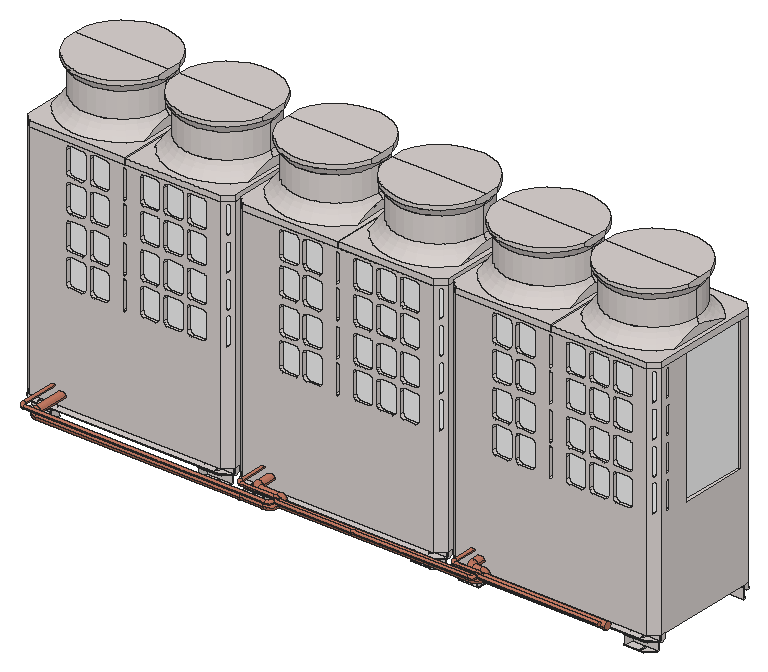
Revit family "PUHY-P1200YSNW-A1", category 機械設備, Revit 2016
Family settings
  パーツ タイプ = 標準
  丸型コネクタ寸法 = 半径を使用
  OmniClass 番号 = 23.75.00.00
  OmniClass タイトル = Climate Control (HVAC)
  作業面に基づく = いいえ
  常に垂直 = はい
  ロード時にボイドで切り取り = いいえ
  共有 = いいえ
  部屋の計算ポイント = いいえ
Parameters (values of type "PUHY-P1200YSNW-A1_415V_60Hz")
  モデル = "PUHY-P1200YSNW-A1"
  Width = 3780.000 mm
  WarrantyStart = ""
  Voltage = 415 V
  Unit Weight (kg) = 831
  URL = "http://www.mitsubishielectric.com/"
  Temp. range of heating (Outdoor temp.) (W.B.) = "-20.0 to 15.5"
  Temp. range of heating (Indoor temp.) (D.B.) = "15.0 to 27.0"
  Temp. range of cooling (Outdoor temp.) (D.B.) = "-5.0 to 52.0"
  Temp. range of cooling (Indoor temp.) (W.B.) = "15.0 to 24.0"
  TagNumber = 0
  Subcategory = "HVAC"
  Space View = yes
  Sound Pressure Level (dB(A)) Heating mode = 72
  Sound Pressure Level (dB(A)) Cooling mode = 70
  SerialNumber = 0
  ReplacementYear = ""
  Refrigerant type = "R410A"
  Refrigerant Charge (kg) = 29.4
  Protection Devices_Inverter circuit (COMP./FAN) = "Over-current protection"
  Protection Devices_High pressure (MPa) = "High pressure sensor, High pressure switch at 4.15"
  Phase = 3
  製造元 = "Mitsubishi Electric Corporation"
  Outdoor unit 3 Breaker size (A) = 60
  Outdoor unit 3 = PUHY-P400YNW-A1 : PUHY-P400YNW-A1
  Outdoor unit 2 Breaker size (A) = 60
  Outdoor unit 2 = PUHY-P400YNW-A1 : PUHY-P400YNW-A1
  Outdoor unit 1 Breaker size (A) = 60
  Outdoor unit 1 = PUHY-P400YNW-A1 : PUHY-P400YNW-A1
  Note_1 = "Refrigerant pipe diameters may change depending on the installation condition. Please refer to the installation manual."
  Maximum Circuit Ampacity (A) = 95.7
  Liquid pipe_radius = 9.525 mm
  InstallationDate = ""
  Indoor Unit Total Capacity = "50 to 130% of outdoor unit capacity"
  Indoor Unit Model/Quantity = "P10 to P250/3 to 50"
  Hertz = 60 Hz
  Height = 1858.000 mm
  Heating SCOP (kW/kW) = 4.01
  Heating Rated Load Ampacity (A) = 59.2
  Heating Power Input (kW) = 38.36
  Heating Power Input (Nominal) (kW) = 32.61
  Heating Current Input (Nominal) (A) = 50.4
  Heating Current Input (A) = 59.2
  Heating Capacity (kW) = 150
  Heating Capacity (Nominal) (kW) = 136
  Heating COP (kW/kW) = 3.91
  Heating COP (Nominal) (kW/kW) = 4.17
  Gas pipe_radius = 20.640 mm
  Fan_Type = "Propeller Fan"
  Fan_Quantity = 6
  Fan Motor Output (kW) = 2.76
  External static pressure (Pa) = 0
  External Finish = "Pre-coated galvanized steel sheets (+powder coating for -BS type) <MUNSELL 3Y 7.8/1.1 or similar>"
  Equip_description = ""
  Equip_No. = 0
  Equip_ID = ""
  Description = ""
  Depth = 740.000 mm
  CreatedOn = ""
  CreatedBy = ""
  Cooling SEER (kW/kW) = 6.29
  Cooling Rated Load Ampacity (A) = 68.4
  Cooling Power Input (kW) = 44.29
  Cooling EER (kW/kW) = 3.07
  Cooling Current Input (A) = 68.4
  Cooling Capacity (kW) = 136
  Compressor_Type = "Inverter scroll hermetic compressor"
  Compressor_Quantity = 3
  Compressor_Lubricant = "MEL32"
  Compressor Motor Output (kW) = 34.2
  Category = ""
  Barcode = ""
  AssetIdentifier = ""
  Airflow Rate (m3/min) = 900
  Airflow Rate (m3/h) = 54000
Reference planes
  plane 1 "Center (Front/Back)": y = 0
  plane 2: z = 0
  plane 3: z = 1710
  plane 4: z = 60
  plane 5: y = 370
  plane 6 "front": y = -370
  plane 7: x = -1890
  plane 8: x = -620
  plane 9: x = 620
  plane 10: x = -650
  plane 11: x = 650
  plane 12: y = 370
  plane 13: y = -370
  plane 14: z = 1858
  plane 15: x = 1890
  plane 16: x = 0
Forms (mm)
  Sweep 1, solid, material "Copper"
    path origin (137.855, 17.925, 192.255) x (0, -1, 0) y (1, 0, 0)
      loop
        line (380, -1839.039) -> (605, -1839.039)
        arc (605, -1839.039) -> (626.213, -1830.253) -> (635, -1809.039) r 30
        line (635, -1809.039) -> (635, -368.337)
        arc (635, -368.337) -> (629.142, -354.195) -> (615, -348.337) r 20
        line (615, -348.337) -> (590, -348.337)
        arc (590, -348.337) -> (575.858, -354.195) -> (570, -368.337) r 20
        line (570, -368.337) -> (570, -568.337)
        arc (570, -568.337) -> (564.142, -582.479) -> (550, -588.337) r 20
        line (550, -588.337) -> (380, -588.337)
    profile origin (-1701.184, -474.575, 192.255) x (1, 0, 0) y (0, 0, 1)
      loop
        circle (0, 0) r 9.525
  Sweep 2, solid, material "Copper"
    path origin (111.295, 17.925, 158.255) x (-1, 0, 0) y (0, -1, 0)
      loop
        line (1758.141, 380) -> (1758.141, 575)
        arc (1758.141, 575) -> (1747.889, 599.749) -> (1723.141, 610) r 35
        line (1723.141, 610) -> (502, 610) -> (364.723, 610)
        arc (364.723, 610) -> (339.974, 599.749) -> (329.723, 575) r 35
        line (329.723, 575) -> (329.723, 545)
        arc (329.723, 545) -> (339.974, 520.251) -> (364.723, 510) r 35
        line (364.723, 510) -> (475.673, 510)
        arc (475.673, 510) -> (500.421, 499.749) -> (510.673, 475) r 35
        line (510.673, 475) -> (510.673, 380)
    profile origin (-1646.846, -459.575, 158.255) x (1, 0, 0) y (0, 0, 1)
      loop
        circle (0, 0) r 20.64
  Sweep 3, solid, material "Copper"
    path origin (214.685, 17.925, 192.255) x (0, -1, 0) y (1, 0, 0)
      loop
        line (605, -426.689) -> (605, 43.311) -> (605, 737.327)
        arc (605, 737.327) -> (599.142, 751.469) -> (585, 757.327) r 20
        line (585, 757.327) -> (560.96, 757.327)
        arc (560.96, 757.327) -> (546.818, 751.469) -> (540.96, 737.327) r 20
        line (540.96, 737.327) -> (540.96, 607.327)
        arc (540.96, 607.327) -> (535.102, 593.185) -> (520.96, 587.327) r 20
        line (520.96, 587.327) -> (380, 587.327)
    profile origin (22.996, -587.075, 192.255) x (0, 1, 0) y (0, 0, 1)
      loop
        circle (0, 0) r 9.525
  Sweep 4, solid, material "Copper"
    path origin (188.125, 17.925, 158.255) x (-1, 0, 0) y (0, -1, 0)
      loop
        line (406.853, 555.96) -> (-741.149, 555.96)
        arc (-741.149, 555.96) -> (-765.897, 545.709) -> (-776.149, 520.96) r 35
        line (-776.149, 520.96) -> (-776.149, 510)
        arc (-776.149, 510) -> (-765.897, 485.251) -> (-741.149, 475) r 35
        line (-741.149, 475) -> (-696.149, 475)
        arc (-696.149, 475) -> (-671.4, 464.749) -> (-661.149, 440) r 35
        line (-661.149, 440) -> (-661.149, 380)
    profile origin (355.273, -538.035, 158.255) x (0, 1, 0) y (0, 0, 1)
      loop
        circle (0, 0) r 20.64
  Sweep 5, solid, material "Copper"
    path origin (249.685, 17.925, 192.255) x (0, -1, 0) y (1, 0, 0)
      loop
        line (572.806, 727.767) -> (572.806, 1455.315)
    profile origin (1341.226, -554.881, 192.255) x (0, 1, 0) y (0, 0, 1)
      loop
        circle (0, 0) r 9.525
  Sweep 6, solid, material "Copper"
    path origin (228.125, 17.925, 158.255) x (-1, 0, 0) y (0, -1, 0)
      loop
        line (-749.534, 515.995) -> (-1481.875, 515.995)
    profile origin (1343.83, -498.07, 158.255) x (0, 1, 0) y (0, 0, 1)
      loop
        circle (0, 0) r 20.64
Dimensions and locks
  nested 2 to nested 1 = 30.000 mm
  nested 1 to nested 1 = 1240.000 mm
  nested 2 to nested 2 = 1240.000 mm
  plane 9 to plane 11 to plane 15 = 30.000 mm, 1240.000 mm
  "Liquid pipe_radius": radius of Sweep 5 sketch curve
  "Gas pipe_radius": radius of Sweep 6 sketch curve
  aligned and locked: level to plane 2
Automatic sketch dimensions
  Sweep 1 sketch curve to plane 6 "front" = 7.925 mm  (x2)
  plane 6 "front" to Sweep 1 sketch curve = 162.075 mm
  Sweep 1 sketch curve to Sweep 1 sketch curve = 20.000 mm  (x2)
  plane 6 "front" to Sweep 1 sketch curve = 217.075 mm
  Sweep 1 sketch curve to Sweep 1 sketch curve = 25.000 mm
  Sweep 1 sketch curve to Sweep 1 sketch curve = 30.000 mm
  profile plane to Sweep 1 sketch curve = 0.000 mm
  Sweep 1 sketch curve to profile plane = 0.000 mm
  Sweep 2 sketch curve to Sweep 2 sketch curve = 35.000 mm  (x3)
  plane 6 "front" to Sweep 2 sketch curve = 222.075 mm
  Sweep 2 sketch curve to Sweep 2 sketch curve = 30.000 mm
  Sweep 2 sketch curve to plane 6 "front" = 7.925 mm  (x2)
  profile plane to Sweep 2 sketch curve = 0.000 mm
  Sweep 2 sketch curve to profile plane = 0.000 mm
  Sweep 3 sketch curve to profile plane = 0.000 mm  (x2)
  plane 6 "front" to Sweep 4 sketch curve = 122.075 mm
  plane 6 "front" to Sweep 4 sketch curve = 87.075 mm
  Sweep 4 sketch curve to Sweep 4 sketch curve = 0.000 mm
  Sweep 4 sketch curve to Sweep 4 sketch curve = 45.000 mm
  plane 6 "front" to Sweep 4 sketch curve = 52.075 mm
  Sweep 4 sketch curve to Sweep 4 sketch curve = 60.000 mm
  Sweep 4 sketch curve to Sweep 4 sketch curve = 10.960 mm
  Sweep 4 sketch curve to profile plane = 0.000 mm  (x2)
  Sweep 3 sketch curve to plane 6 "front" = 7.925 mm
  plane 6 "front" to Sweep 3 sketch curve = 133.035 mm
  Sweep 3 sketch curve to Sweep 3 sketch curve = 20.000 mm  (x2)
  Sweep 3 sketch curve to Sweep 3 sketch curve = 24.040 mm
  plane 6 "front" to Sweep 3 sketch curve = 217.075 mm
  Sweep 3 sketch curve to Sweep 3 sketch curve = 470.000 mm
  Sweep 3 sketch curve to Sweep 3 sketch curve = 544.016 mm
  Sweep 3 sketch curve to Sweep 3 sketch curve = 130.000 mm
  Sweep 1 sketch curve to Sweep 1 sketch curve = 1220.702 mm
  Sweep 2 sketch curve to Sweep 2 sketch curve = 1212.468 mm
  Sweep 4 sketch curve to Sweep 4 sketch curve = 1068.002 mm
  plane 6 "front" to Sweep 5 sketch curve = 184.881 mm
  plane 6 "front" to Sweep 6 sketch curve = 128.070 mm
  Sweep 5 sketch curve to profile plane = 0.000 mm  (x2)
  Sweep 6 sketch curve to profile plane = 0.000 mm  (x2)
  plane 11 to Sweep 5 sketch curve = 327.453 mm
  Sweep 5 sketch curve to Sweep 5 sketch curve = 727.547 mm
  plane 11 to Sweep 6 sketch curve = 1060.000 mm
  plane 11 to Sweep 6 sketch curve = 327.659 mm
  plane 7 to Sweep 1 sketch curve = 188.816 mm
  Sweep 1 sketch curve to Sweep 1 sketch curve = 200.000 mm
  plane 6 "front" to Sweep 2 sketch curve = 157.075 mm
  Sweep 2 sketch curve to plane 8 = 401.573 mm
  Sweep 2 sketch curve to Sweep 2 sketch curve = 110.950 mm
  Sweep 2 sketch curve to Sweep 2 sketch curve = 26.327 mm
  Sweep 3 sketch curve to plane 9 = 362.004 mm
  plane 11 to Sweep 4 sketch curve = 314.274 mm
  radius of Sweep 1 sketch curve = 9.525 mm
  radius of Sweep 2 sketch curve = 20.640 mm
  radius of Sweep 3 sketch curve = 9.525 mm
  radius of Sweep 4 sketch curve = 20.640 mm
Nested families
  nested 1: "PUHY-P400YNW-A1" at (0, 0, 0), type <- "Outdoor unit 2", type "PUHY-P400YNW-A1"
  nested 2: "PUHY-P400YNW-A1" at (-1270, 0, 0), type <- "Outdoor unit 1", type "PUHY-P400YNW-A1"
  nested 3: "PUHY-P400YNW-A1" at (1270, 0, 0), type <- "Outdoor unit 3", type "PUHY-P400YNW-A1"
Connectors
  piping at (1710, -498.07, 158.255), diameter 41.28, driven by "Gas pipe_radius"
    settings: on Sweep 6, index 1, connector inside diameter 41.28 mm, connector length 0.000 mm, flow factor 0, pipe flow 0.0 L/s, pressure drop 0.0 Pa, fitting loss kfactor 0, connector angle 0.00°, fixture units 0, engagement length 0.000 mm, angle of deflection 0.00°, flow configuration 0, flow direction 0, fitting loss method 0, system type 22, joint type 0, gender type 0, connector reference index -1, connector utility 0, adjustable connector no, is connector primary yes, connector description "Indoor unit-Twinning pipe(Gas)"
  piping at (1705, -554.881, 192.255), diameter 19.05, driven by "Liquid pipe_radius"
    settings: on Sweep 5, index 2, connector inside diameter 19.05 mm, connector length 0.000 mm, flow factor 0, pipe flow 0.0 L/s, pressure drop 0.0 Pa, fitting loss kfactor 0, connector angle 0.00°, fixture units 0, engagement length 0.000 mm, angle of deflection 0.00°, flow configuration 0, flow direction 0, fitting loss method 0, system type 22, joint type 0, gender type 0, connector reference index -1, connector utility 0, adjustable connector no, is connector primary no, connector description "Indoor unit-Twinning pipe(Liquid)"
  electrical at (992, -370, 279), driven by "Phase", driven by "Voltage"
    settings: index 3, voltage 415 V, apparent load 0 VA, apparent load phase1 0 VA, apparent load phase2 0 VA, apparent load phase3 0 VA, power factor 1, load classification "HVAC", number of poles 3, system type 30, power factor state 1, is connector primary yes, connector utility no, sub classification motor no, connector description ""
  electrical at (-258, -370, 279), driven by "Phase", driven by "Voltage"
    settings: index 4, voltage 415 V, apparent load 0 VA, apparent load phase1 0 VA, apparent load phase2 0 VA, apparent load phase3 0 VA, power factor 1, load classification "HVAC", number of poles 3, system type 30, power factor state 1, is connector primary no, connector utility no, sub classification motor no, connector description ""
  electrical at (-1508, -370, 279), driven by "Phase", driven by "Voltage"
    settings: index 5, voltage 415 V, apparent load 0 VA, apparent load phase1 0 VA, apparent load phase2 0 VA, apparent load phase3 0 VA, power factor 1, load classification "HVAC", number of poles 3, system type 30, power factor state 1, is connector primary no, connector utility no, sub classification motor no, connector description ""
Definition of nested family "PUHY-P400YNW-A1"
  Parameters
    Model = "PUHY-P400YNW-A"
    URL = "http://www.mitsubishielectric.com/"
    Manufacturer = "Mitsubishi Electric Corporation"
    Liquid pipe_radius = 12.700 mm
    Gas pipe_radius = 14.290 mm
  Reference planes
    plane 1 "Center (Front/Back)": y = 0
    plane 2: z = 0
    plane 3 "Center (Left/Right)": x = 0
    plane 4: y = 370
    plane 5: z = 1858
    plane 6: y = -260
    plane 7: y = -204
    plane 8: y = -185
    plane 9: x = -620
    plane 10: x = 620
    plane 11: x = -620
    plane 12: z = 716
    plane 13: x = -524
    plane 14: z = 669
    plane 15: x = -50.5
    plane 16: x = 51
    plane 17: x = 489
    plane 18: x = 467
    plane 19 "132": x = 488
    plane 20 "100": z = 160
    plane 21: z = 185
    plane 22: x = 413
    plane 23: x = 364
    plane 24: z = 150
    plane 25: x = -287.25
    plane 26: x = -137.25
    plane 27: x = -272.25
    plane 28: y = -278
    plane 29: z = 1509
    plane 30: y = -370
    plane 31: x = -530
    plane 32: x = 530
    plane 33 "179": y = -191
  Forms (mm)
    Extrusion 1, solid
      sketch origin (-1, 0, 113) x (-1, 0, 0) y (0, -1, 0)
        loop
          line (569, -370) -> (619, -320) -> (619, 320) -> (569, 370) -> (-571, 370) -> (-621, 320) -> (-621, -320) -> (-571, -370) -> (569, -370)
      from -18 to 1408
    Extrusion 2, void
      sketch origin (524, -370, 113) x (1, 0, 0) y (0, 0, -1)
        loop
          arc (-60.8, -1393.5) -> (-42.557, -1385.943) -> (-35, -1367.7) r 25.8
          line (-35, -1367.7) -> (-35, -1248.5)
          arc (-35, -1248.5) -> (-42.557, -1230.257) -> (-60.8, -1222.7) r 25.8
          line (-60.8, -1222.7) -> (-126, -1222.7)
          arc (-126, -1222.7) -> (-144.243, -1230.257) -> (-151.8, -1248.5) r 25.8
          line (-151.8, -1248.5) -> (-151.8, -1367.7)
          arc (-151.8, -1367.7) -> (-144.243, -1385.943) -> (-126, -1393.5) r 25.8
          line (-126, -1393.5) -> (-60.8, -1393.5)
      from 0 to 20
    Extrusion 3, void
      sketch origin (524, -370, -81) x (1, 0, 0) y (0, 0, -1)
        loop
          arc (-60.8, -1393.5) -> (-42.557, -1385.943) -> (-35, -1367.7) r 25.8
          line (-35, -1367.7) -> (-35, -1248.5)
          arc (-35, -1248.5) -> (-42.557, -1230.257) -> (-60.8, -1222.7) r 25.8
          line (-60.8, -1222.7) -> (-126, -1222.7)
          arc (-126, -1222.7) -> (-144.243, -1230.257) -> (-151.8, -1248.5) r 25.8
          line (-151.8, -1248.5) -> (-151.8, -1367.7)
          arc (-151.8, -1367.7) -> (-144.243, -1385.943) -> (-126, -1393.5) r 25.8
          line (-126, -1393.5) -> (-60.8, -1393.5)
      from 0 to 20
    Extrusion 4, void
      sketch origin (524, -370, -287) x (1, 0, 0) y (0, 0, -1)
        loop
          arc (-60.8, -1393.5) -> (-42.557, -1385.943) -> (-35, -1367.7) r 25.8
          line (-35, -1367.7) -> (-35, -1248.5)
          arc (-35, -1248.5) -> (-42.557, -1230.257) -> (-60.8, -1222.7) r 25.8
          line (-60.8, -1222.7) -> (-126, -1222.7)
          arc (-126, -1222.7) -> (-144.243, -1230.257) -> (-151.8, -1248.5) r 25.8
          line (-151.8, -1248.5) -> (-151.8, -1367.7)
          arc (-151.8, -1367.7) -> (-144.243, -1385.943) -> (-126, -1393.5) r 25.8
          line (-126, -1393.5) -> (-60.8, -1393.5)
      from 0 to 20
    Extrusion 5, void
      sketch origin (524, -370, -481) x (1, 0, 0) y (0, 0, -1)
        loop
          arc (-60.8, -1393.5) -> (-42.557, -1385.943) -> (-35, -1367.7) r 25.8
          line (-35, -1367.7) -> (-35, -1248.5)
          arc (-35, -1248.5) -> (-42.557, -1230.257) -> (-60.8, -1222.7) r 25.8
          line (-60.8, -1222.7) -> (-126, -1222.7)
          arc (-126, -1222.7) -> (-144.243, -1230.257) -> (-151.8, -1248.5) r 25.8
          line (-151.8, -1248.5) -> (-151.8, -1367.7)
          arc (-151.8, -1367.7) -> (-144.243, -1385.943) -> (-126, -1393.5) r 25.8
          line (-126, -1393.5) -> (-60.8, -1393.5)
      from 0 to 20
    Extrusion 6, void
      sketch origin (384, -370, 113) x (1, 0, 0) y (0, 0, -1)
        loop
          arc (-60.8, -1393.5) -> (-42.557, -1385.943) -> (-35, -1367.7) r 25.8
          line (-35, -1367.7) -> (-35, -1248.5)
          arc (-35, -1248.5) -> (-42.557, -1230.257) -> (-60.8, -1222.7) r 25.8
          line (-60.8, -1222.7) -> (-126, -1222.7)
          arc (-126, -1222.7) -> (-144.243, -1230.257) -> (-151.8, -1248.5) r 25.8
          line (-151.8, -1248.5) -> (-151.8, -1367.7)
          arc (-151.8, -1367.7) -> (-144.243, -1385.943) -> (-126, -1393.5) r 25.8
          line (-126, -1393.5) -> (-60.8, -1393.5)
      from 0 to 20
    Extrusion 7, void
      sketch origin (384, -370, -81) x (1, 0, 0) y (0, 0, -1)
        loop
          arc (-60.8, -1393.5) -> (-42.557, -1385.943) -> (-35, -1367.7) r 25.8
          line (-35, -1367.7) -> (-35, -1248.5)
          arc (-35, -1248.5) -> (-42.557, -1230.257) -> (-60.8, -1222.7) r 25.8
          line (-60.8, -1222.7) -> (-126, -1222.7)
          arc (-126, -1222.7) -> (-144.243, -1230.257) -> (-151.8, -1248.5) r 25.8
          line (-151.8, -1248.5) -> (-151.8, -1367.7)
          arc (-151.8, -1367.7) -> (-144.243, -1385.943) -> (-126, -1393.5) r 25.8
          line (-126, -1393.5) -> (-60.8, -1393.5)
      from 0 to 20
    Extrusion 8, void
      sketch origin (384, -370, -287) x (1, 0, 0) y (0, 0, -1)
        loop
          arc (-60.8, -1393.5) -> (-42.557, -1385.943) -> (-35, -1367.7) r 25.8
          line (-35, -1367.7) -> (-35, -1248.5)
          arc (-35, -1248.5) -> (-42.557, -1230.257) -> (-60.8, -1222.7) r 25.8
          line (-60.8, -1222.7) -> (-126, -1222.7)
          arc (-126, -1222.7) -> (-144.243, -1230.257) -> (-151.8, -1248.5) r 25.8
          line (-151.8, -1248.5) -> (-151.8, -1367.7)
          arc (-151.8, -1367.7) -> (-144.243, -1385.943) -> (-126, -1393.5) r 25.8
          line (-126, -1393.5) -> (-60.8, -1393.5)
      from 0 to 20
    Extrusion 9, void
      sketch origin (384, -370, -481) x (1, 0, 0) y (0, 0, -1)
        loop
          arc (-60.8, -1393.5) -> (-42.557, -1385.943) -> (-35, -1367.7) r 25.8
          line (-35, -1367.7) -> (-35, -1248.5)
          arc (-35, -1248.5) -> (-42.557, -1230.257) -> (-60.8, -1222.7) r 25.8
          line (-60.8, -1222.7) -> (-126, -1222.7)
          arc (-126, -1222.7) -> (-144.243, -1230.257) -> (-151.8, -1248.5) r 25.8
          line (-151.8, -1248.5) -> (-151.8, -1367.7)
          arc (-151.8, -1367.7) -> (-144.243, -1385.943) -> (-126, -1393.5) r 25.8
          line (-126, -1393.5) -> (-60.8, -1393.5)
      from 0 to 20
    Extrusion 10, void
      sketch origin (244, -370, 113) x (1, 0, 0) y (0, 0, -1)
        loop
          arc (-60.8, -1393.5) -> (-42.557, -1385.943) -> (-35, -1367.7) r 25.8
          line (-35, -1367.7) -> (-35, -1248.5)
          arc (-35, -1248.5) -> (-42.557, -1230.257) -> (-60.8, -1222.7) r 25.8
          line (-60.8, -1222.7) -> (-126, -1222.7)
          arc (-126, -1222.7) -> (-144.243, -1230.257) -> (-151.8, -1248.5) r 25.8
          line (-151.8, -1248.5) -> (-151.8, -1367.7)
          arc (-151.8, -1367.7) -> (-144.243, -1385.943) -> (-126, -1393.5) r 25.8
          line (-126, -1393.5) -> (-60.8, -1393.5)
      from 0 to 20
    Extrusion 11, void
      sketch origin (244, -370, -81) x (1, 0, 0) y (0, 0, -1)
        loop
          arc (-60.8, -1393.5) -> (-42.557, -1385.943) -> (-35, -1367.7) r 25.8
          line (-35, -1367.7) -> (-35, -1248.5)
          arc (-35, -1248.5) -> (-42.557, -1230.257) -> (-60.8, -1222.7) r 25.8
          line (-60.8, -1222.7) -> (-126, -1222.7)
          arc (-126, -1222.7) -> (-144.243, -1230.257) -> (-151.8, -1248.5) r 25.8
          line (-151.8, -1248.5) -> (-151.8, -1367.7)
          arc (-151.8, -1367.7) -> (-144.243, -1385.943) -> (-126, -1393.5) r 25.8
          line (-126, -1393.5) -> (-60.8, -1393.5)
      from 0 to 20
    Extrusion 12, void
      sketch origin (244, -370, -287) x (1, 0, 0) y (0, 0, -1)
        loop
          arc (-60.8, -1393.5) -> (-42.557, -1385.943) -> (-35, -1367.7) r 25.8
          line (-35, -1367.7) -> (-35, -1248.5)
          arc (-35, -1248.5) -> (-42.557, -1230.257) -> (-60.8, -1222.7) r 25.8
          line (-60.8, -1222.7) -> (-126, -1222.7)
          arc (-126, -1222.7) -> (-144.243, -1230.257) -> (-151.8, -1248.5) r 25.8
          line (-151.8, -1248.5) -> (-151.8, -1367.7)
          arc (-151.8, -1367.7) -> (-144.243, -1385.943) -> (-126, -1393.5) r 25.8
          line (-126, -1393.5) -> (-60.8, -1393.5)
      from 0 to 20
    Extrusion 13, void
      sketch origin (244, -370, -481) x (1, 0, 0) y (0, 0, -1)
        loop
          arc (-60.8, -1393.5) -> (-42.557, -1385.943) -> (-35, -1367.7) r 25.8
          line (-35, -1367.7) -> (-35, -1248.5)
          arc (-35, -1248.5) -> (-42.557, -1230.257) -> (-60.8, -1222.7) r 25.8
          line (-60.8, -1222.7) -> (-126, -1222.7)
          arc (-126, -1222.7) -> (-144.243, -1230.257) -> (-151.8, -1248.5) r 25.8
          line (-151.8, -1248.5) -> (-151.8, -1367.7)
          arc (-151.8, -1367.7) -> (-144.243, -1385.943) -> (-126, -1393.5) r 25.8
          line (-126, -1393.5) -> (-60.8, -1393.5)
      from 0 to 20
    Extrusion 14, void
      sketch origin (-56, -370, 113) x (1, 0, 0) y (0, 0, -1)
        loop
          arc (-60.8, -1393.5) -> (-42.557, -1385.943) -> (-35, -1367.7) r 25.8
          line (-35, -1367.7) -> (-35, -1248.5)
          arc (-35, -1248.5) -> (-42.557, -1230.257) -> (-60.8, -1222.7) r 25.8
          line (-60.8, -1222.7) -> (-126, -1222.7)
          arc (-126, -1222.7) -> (-144.243, -1230.257) -> (-151.8, -1248.5) r 25.8
          line (-151.8, -1248.5) -> (-151.8, -1367.7)
          arc (-151.8, -1367.7) -> (-144.243, -1385.943) -> (-126, -1393.5) r 25.8
          line (-126, -1393.5) -> (-60.8, -1393.5)
      from 0 to 20
    Extrusion 15, void
      sketch origin (-56, -370, -81) x (1, 0, 0) y (0, 0, -1)
        loop
          arc (-60.8, -1393.5) -> (-42.557, -1385.943) -> (-35, -1367.7) r 25.8
          line (-35, -1367.7) -> (-35, -1248.5)
          arc (-35, -1248.5) -> (-42.557, -1230.257) -> (-60.8, -1222.7) r 25.8
          line (-60.8, -1222.7) -> (-126, -1222.7)
          arc (-126, -1222.7) -> (-144.243, -1230.257) -> (-151.8, -1248.5) r 25.8
          line (-151.8, -1248.5) -> (-151.8, -1367.7)
          arc (-151.8, -1367.7) -> (-144.243, -1385.943) -> (-126, -1393.5) r 25.8
          line (-126, -1393.5) -> (-60.8, -1393.5)
      from 0 to 20
    Extrusion 16, void
      sketch origin (-56, -370, -287) x (1, 0, 0) y (0, 0, -1)
        loop
          arc (-60.8, -1393.5) -> (-42.557, -1385.943) -> (-35, -1367.7) r 25.8
          line (-35, -1367.7) -> (-35, -1248.5)
          arc (-35, -1248.5) -> (-42.557, -1230.257) -> (-60.8, -1222.7) r 25.8
          line (-60.8, -1222.7) -> (-126, -1222.7)
          arc (-126, -1222.7) -> (-144.243, -1230.257) -> (-151.8, -1248.5) r 25.8
          line (-151.8, -1248.5) -> (-151.8, -1367.7)
          arc (-151.8, -1367.7) -> (-144.243, -1385.943) -> (-126, -1393.5) r 25.8
          line (-126, -1393.5) -> (-60.8, -1393.5)
      from 0 to 20
    Extrusion 17, void
      sketch origin (-56, -370, -481) x (1, 0, 0) y (0, 0, -1)
        loop
          arc (-60.8, -1393.5) -> (-42.557, -1385.943) -> (-35, -1367.7) r 25.8
          line (-35, -1367.7) -> (-35, -1248.5)
          arc (-35, -1248.5) -> (-42.557, -1230.257) -> (-60.8, -1222.7) r 25.8
          line (-60.8, -1222.7) -> (-126, -1222.7)
          arc (-126, -1222.7) -> (-144.243, -1230.257) -> (-151.8, -1248.5) r 25.8
          line (-151.8, -1248.5) -> (-151.8, -1367.7)
          arc (-151.8, -1367.7) -> (-144.243, -1385.943) -> (-126, -1393.5) r 25.8
          line (-126, -1393.5) -> (-60.8, -1393.5)
      from 0 to 20
    Extrusion 18, void
      sketch origin (-196, -370, 113) x (1, 0, 0) y (0, 0, -1)
        loop
          arc (-60.8, -1393.5) -> (-42.557, -1385.943) -> (-35, -1367.7) r 25.8
          line (-35, -1367.7) -> (-35, -1248.5)
          arc (-35, -1248.5) -> (-42.557, -1230.257) -> (-60.8, -1222.7) r 25.8
          line (-60.8, -1222.7) -> (-126, -1222.7)
          arc (-126, -1222.7) -> (-144.243, -1230.257) -> (-151.8, -1248.5) r 25.8
          line (-151.8, -1248.5) -> (-151.8, -1367.7)
          arc (-151.8, -1367.7) -> (-144.243, -1385.943) -> (-126, -1393.5) r 25.8
          line (-126, -1393.5) -> (-60.8, -1393.5)
      from 0 to 20
    Extrusion 19, void
      sketch origin (-196, -370, -81) x (1, 0, 0) y (0, 0, -1)
        loop
          arc (-60.8, -1393.5) -> (-42.557, -1385.943) -> (-35, -1367.7) r 25.8
          line (-35, -1367.7) -> (-35, -1248.5)
          arc (-35, -1248.5) -> (-42.557, -1230.257) -> (-60.8, -1222.7) r 25.8
          line (-60.8, -1222.7) -> (-126, -1222.7)
          arc (-126, -1222.7) -> (-144.243, -1230.257) -> (-151.8, -1248.5) r 25.8
          line (-151.8, -1248.5) -> (-151.8, -1367.7)
          arc (-151.8, -1367.7) -> (-144.243, -1385.943) -> (-126, -1393.5) r 25.8
          line (-126, -1393.5) -> (-60.8, -1393.5)
      from 0 to 20
    Extrusion 20, void
      sketch origin (-196, -370, -287) x (1, 0, 0) y (0, 0, -1)
        loop
          arc (-60.8, -1393.5) -> (-42.557, -1385.943) -> (-35, -1367.7) r 25.8
          line (-35, -1367.7) -> (-35, -1248.5)
          arc (-35, -1248.5) -> (-42.557, -1230.257) -> (-60.8, -1222.7) r 25.8
          line (-60.8, -1222.7) -> (-126, -1222.7)
          arc (-126, -1222.7) -> (-144.243, -1230.257) -> (-151.8, -1248.5) r 25.8
          line (-151.8, -1248.5) -> (-151.8, -1367.7)
          arc (-151.8, -1367.7) -> (-144.243, -1385.943) -> (-126, -1393.5) r 25.8
          line (-126, -1393.5) -> (-60.8, -1393.5)
      from 0 to 20
    Extrusion 21, void
      sketch origin (-196, -370, -481) x (1, 0, 0) y (0, 0, -1)
        loop
          arc (-60.8, -1393.5) -> (-42.557, -1385.943) -> (-35, -1367.7) r 25.8
          line (-35, -1367.7) -> (-35, -1248.5)
          arc (-35, -1248.5) -> (-42.557, -1230.257) -> (-60.8, -1222.7) r 25.8
          line (-60.8, -1222.7) -> (-126, -1222.7)
          arc (-126, -1222.7) -> (-144.243, -1230.257) -> (-151.8, -1248.5) r 25.8
          line (-151.8, -1248.5) -> (-151.8, -1367.7)
          arc (-151.8, -1367.7) -> (-144.243, -1385.943) -> (-126, -1393.5) r 25.8
          line (-126, -1393.5) -> (-60.8, -1393.5)
      from 0 to 20
    Extrusion 22, void
      sketch origin (620, 320, 113) x (0, 1, 0) y (0, 0, -1)
        loop
          line (-462.3, -1408) -> (-50.8, -1408) -> (-50.8, -612) -> (-462.3, -612) -> (-462.3, -1408)
      from 0 to 20
    Extrusion 23, void
      sketch origin (-620, -320, 113) x (0, -1, 0) y (0, 0, -1)
        loop
          line (-535.7, -1408) -> (-207.7, -1408) -> (-207.7, -592) -> (-535.7, -592) -> (-535.7, -1408)
      from 0 to 20
    Extrusion 24, void
      sketch origin (194.892, 370, 113) x (-1, 0, 0) y (0, 0, -1)
        loop
          arc (204.892, -1225.013) -> (194.892, -1215.013) -> (184.892, -1225.013) r 10
          line (184.892, -1225.013) -> (184.892, -1379.987)
          arc (184.892, -1379.987) -> (194.892, -1389.987) -> (204.892, -1379.987) r 10
          line (204.892, -1379.987) -> (204.892, -1225.013)
        loop
          arc (204.892, -1031.013) -> (194.892, -1021.013) -> (184.892, -1031.013) r 10
          line (184.892, -1031.013) -> (184.892, -1185.987)
          arc (184.892, -1185.987) -> (194.892, -1195.987) -> (204.892, -1185.987) r 10
          line (204.892, -1185.987) -> (204.892, -1031.013)
        loop
          arc (204.892, -825.013) -> (194.892, -815.013) -> (184.892, -825.013) r 10
          line (184.892, -825.013) -> (184.892, -979.987)
          arc (184.892, -979.987) -> (194.892, -989.987) -> (204.892, -979.987) r 10
          line (204.892, -979.987) -> (204.892, -825.013)
        loop
          arc (204.892, -631.013) -> (194.892, -621.013) -> (184.892, -631.013) r 10
          line (184.892, -631.013) -> (184.892, -785.987)
          arc (184.892, -785.987) -> (194.892, -795.987) -> (204.892, -785.987) r 10
          line (204.892, -785.987) -> (204.892, -631.013)
      from 0 to 20
    Extrusion 25, void
      sketch origin (-570, 370, 113) x (0.707107, 0.707107, 0) y (0, 0, 1)
        loop
          arc (-45.355, 1236) -> (-35.355, 1226) -> (-25.355, 1236) r 10
          line (-25.355, 1236) -> (-25.355, 1386)
          arc (-25.355, 1386) -> (-35.355, 1396) -> (-45.355, 1386) r 10
          line (-45.355, 1386) -> (-45.355, 1236)
        loop
          arc (-45.355, 1036) -> (-35.355, 1026) -> (-25.355, 1036) r 10
          line (-25.355, 1036) -> (-25.355, 1186)
          arc (-25.355, 1186) -> (-35.355, 1196) -> (-45.355, 1186) r 10
          line (-45.355, 1186) -> (-45.355, 1036)
        loop
          arc (-45.355, 836) -> (-35.355, 826) -> (-25.355, 836) r 10
          line (-25.355, 836) -> (-25.355, 986)
          arc (-25.355, 986) -> (-35.355, 996) -> (-45.355, 986) r 10
          line (-45.355, 986) -> (-45.355, 836)
        loop
          arc (-45.355, 641) -> (-35.355, 631) -> (-25.355, 641) r 10
          line (-25.355, 641) -> (-25.355, 791)
          arc (-25.355, 791) -> (-35.355, 801) -> (-45.355, 791) r 10
          line (-45.355, 791) -> (-45.355, 641)
      from 0 to 20
    Extrusion 26, void
      sketch origin (-620, -320, 113) x (0, -1, 0) y (0, 0, -1)
        loop
          line (-607.846, -1035.895) -> (-607.846, -1186.105)
          arc (-607.846, -1186.105) -> (-597.846, -1196.105) -> (-587.846, -1186.105) r 10
          line (-587.846, -1186.105) -> (-587.846, -1035.895)
          arc (-587.846, -1035.895) -> (-597.846, -1025.895) -> (-607.846, -1035.895) r 10
        loop
          line (-607.846, -835.895) -> (-607.846, -986.105)
          arc (-607.846, -986.105) -> (-597.846, -996.105) -> (-587.846, -986.105) r 10
          line (-587.846, -986.105) -> (-587.846, -835.895)
          arc (-587.846, -835.895) -> (-597.846, -825.895) -> (-607.846, -835.895) r 10
        loop
          line (-607.846, -1235.895) -> (-607.846, -1386.105)
          arc (-607.846, -1386.105) -> (-597.846, -1396.105) -> (-587.846, -1386.105) r 10
          line (-587.846, -1386.105) -> (-587.846, -1235.895)
          arc (-587.846, -1235.895) -> (-597.846, -1225.895) -> (-607.846, -1235.895) r 10
        loop
          line (-607.846, -635.895) -> (-607.846, -786.105)
          arc (-607.846, -786.105) -> (-597.846, -796.105) -> (-587.846, -786.105) r 10
          line (-587.846, -786.105) -> (-587.846, -635.895)
          arc (-587.846, -635.895) -> (-597.846, -625.895) -> (-607.846, -635.895) r 10
      from 0 to 20
    Extrusion 27, void
      sketch origin (1079, -370, 113) x (1, 0, 0) y (0, 0, -1)
        loop
          arc (-1089, -1379.975) -> (-1079, -1389.975) -> (-1069, -1379.975) r 10
          line (-1069, -1379.975) -> (-1069, -1225)
          arc (-1069, -1225) -> (-1079, -1215) -> (-1089, -1225) r 10
          line (-1089, -1225) -> (-1089, -1379.975)
        loop
          arc (-1089, -1185.975) -> (-1079, -1195.975) -> (-1069, -1185.975) r 10
          line (-1069, -1185.975) -> (-1069, -1031)
          arc (-1069, -1031) -> (-1079, -1021) -> (-1089, -1031) r 10
          line (-1089, -1031) -> (-1089, -1185.975)
        loop
          arc (-1089, -979.975) -> (-1079, -989.975) -> (-1069, -979.975) r 10
          line (-1069, -979.975) -> (-1069, -825)
          arc (-1069, -825) -> (-1079, -815) -> (-1089, -825) r 10
          line (-1089, -825) -> (-1089, -979.975)
        loop
          arc (-1089, -785.975) -> (-1079, -795.975) -> (-1069, -785.975) r 10
          line (-1069, -785.975) -> (-1069, -631)
          arc (-1069, -631) -> (-1079, -621) -> (-1089, -631) r 10
          line (-1089, -631) -> (-1089, -785.975)
      from 0 to 20
    Extrusion 28, void
      sketch origin (-571, 370, 113) x (-1, 0, 0) y (0, 0, -1)
        loop
          line (-519.5, -1408) -> (-48, -1408) -> (-48, -556) -> (-519.5, -556) -> (-519.5, -1408)
      from 0 to 20
    Extrusion 29, void
      sketch origin (-571, 370, 113) x (-1, 0, 0) y (0, 0, -1)
        loop
          line (-1038, -1408) -> (-622, -1408) -> (-622, -556) -> (-1038, -556) -> (-1038, -1408)
      from 0 to 20
    Extrusion 30, void
      sketch origin (620, 320, 113) x (0, 1, 0) y (0, 0, -1)
        loop
          arc (-588, -1035.791) -> (-598, -1025.791) -> (-608, -1035.791) r 10
          line (-608, -1035.791) -> (-608, -1186)
          arc (-608, -1186) -> (-598, -1196) -> (-588, -1186) r 10
          line (-588, -1186) -> (-588, -1035.791)
        loop
          arc (-588, -835.791) -> (-598, -825.791) -> (-608, -835.791) r 10
          line (-608, -835.791) -> (-608, -986)
          arc (-608, -986) -> (-598, -996) -> (-588, -986) r 10
          line (-588, -986) -> (-588, -835.791)
        loop
          arc (-588, -1235.791) -> (-598, -1225.791) -> (-608, -1235.791) r 10
          line (-608, -1235.791) -> (-608, -1386)
          arc (-608, -1386) -> (-598, -1396) -> (-588, -1386) r 10
          line (-588, -1386) -> (-588, -1235.791)
        loop
          arc (-588, -635.791) -> (-598, -625.791) -> (-608, -635.791) r 10
          line (-608, -635.791) -> (-608, -786)
          arc (-608, -786) -> (-598, -796) -> (-588, -786) r 10
          line (-588, -786) -> (-588, -635.791)
      from 0 to 20
    Extrusion 31, void
      sketch origin (1291.751, 351.751, 113) x (0.707107, 0.707107, 0) y (0, 0, -1)
        loop
          line (-995.311, -1236) -> (-995.311, -1386)
          arc (-995.311, -1386) -> (-985.311, -1396) -> (-975.311, -1386) r 10
          line (-975.311, -1386) -> (-975.311, -1236)
          arc (-975.311, -1236) -> (-985.311, -1226) -> (-995.311, -1236) r 10
        loop
          line (-995.311, -1036) -> (-995.311, -1186)
          arc (-995.311, -1186) -> (-985.311, -1196) -> (-975.311, -1186) r 10
          line (-975.311, -1186) -> (-975.311, -1036)
          arc (-975.311, -1036) -> (-985.311, -1026) -> (-995.311, -1036) r 10
        loop
          line (-995.311, -836) -> (-995.311, -986)
          arc (-995.311, -986) -> (-985.311, -996) -> (-975.311, -986) r 10
          line (-975.311, -986) -> (-975.311, -836)
          arc (-975.311, -836) -> (-985.311, -826) -> (-995.311, -836) r 10
        loop
          line (-995.311, -641) -> (-995.311, -791)
          arc (-995.311, -791) -> (-985.311, -801) -> (-975.311, -791) r 10
          line (-975.311, -791) -> (-975.311, -641)
          arc (-975.311, -641) -> (-985.311, -631) -> (-995.311, -641) r 10
      from 0 to 20
    Extrusion 32, void
      sketch origin (0, -191, 0) x (-1, 0, 0) y (0, 0, 1)
        loop
          circle (460, 176) r 6.35
      from 0 to 78.7
    Extrusion 33, void
      sketch origin (0, -191, 0) x (-1, 0, 0) y (0, 0, 1)
        loop
          circle (377, 176) r 14.29
      from 0 to 78.7
  Cuts and joins
    Extrusion 2, Extrusion 3, Extrusion 4, Extrusion 5, Extrusion 6, Extrusion 7, Extrusion 8, Extrusion 9, Extrusion 10, Extrusion 11, Extrusion 12, Extrusion 13, Extrusion 14, Extrusion 15, Extrusion 16, Extrusion 17, Extrusion 18, Extrusion 19, Extrusion 20, Extrusion 21, Extrusion 22, Extrusion 23, Extrusion 24, Extrusion 25, Extrusion 26, Extrusion 27, Extrusion 28, Extrusion 29, Extrusion 30, Extrusion 31, Extrusion 32, Extrusion 33 cuts Extrusion 1
  Lines and regions (mm)
    model lines
      curve 1: line (-351, -291, 95) -> (-481, -291, 95)
      curve 2: line (-342, -206, 95) -> (-342, -282, 95)
      curve 3: line (-481, -197, 95) -> (-351, -197, 95)
      curve 4: line (-492, -280, 95) -> (-492, -208, 95)
      curve 5: arc (-492, -280, 95) -> (-488.778, -287.778, 95) -> (-481, -291, 95) r 11
      curve 6: arc (-351, -291, 95) -> (-344.636, -288.364, 95) -> (-342, -282, 95) r 9
      curve 7: arc (-342, -206, 95) -> (-344.636, -199.636, 95) -> (-351, -197, 95) r 9
      curve 8: arc (-481, -197, 95) -> (-488.778, -200.222, 95) -> (-492, -208, 95) r 11
      curve 9: line (-30, -370, 1521) -> (-30, -370, 95)
      curve 10: line (30, -370, 1521) -> (30, -370, 95)
      curve 11: line (-485, -370, 215) -> (-357, -370, 215)
      curve 12: line (-495, -370, 141) -> (-495, -370, 205)
      curve 13: line (-357, -370, 131) -> (-485, -370, 131)
      curve 14: line (-347, -370, 205) -> (-347, -370, 141)
      curve 15: arc (-485, -370, 215) -> (-492.071, -370, 212.071) -> (-495, -370, 205) r 10
      curve 16: arc (-495, -370, 141) -> (-492.071, -370, 133.929) -> (-485, -370, 131) r 10
      curve 17: arc (-357, -370, 131) -> (-349.929, -370, 133.929) -> (-347, -370, 141) r 10
      curve 18: arc (-347, -370, 205) -> (-349.929, -370, 212.071) -> (-357, -370, 215) r 10
      curve 19: line (-405, -370, 1521) -> (-405, -370, 716)
      curve 20: line (620, -162.3, 1521) -> (620, -162.3, 95)
      curve 21: line (620, 289.2, 1521) -> (620, 289.2, 95)
      curve 22: line (620, -162.3, 705) -> (620, 289.2, 705)
      curve 23: line (620, -162.3, 725) -> (620, 289.2, 725)
      curve 24: line (620, -76.8, 583) -> (620, 203.2, 583)
      curve 25: line (620, 203.2, 563) -> (620, -76.8, 563)
      curve 26: arc (620, -76.8, 583) -> (620, -83.871, 580.071) -> (620, -86.8, 573) r 10
      curve 27: arc (620, -76.8, 563) -> (620, -83.871, 565.929) -> (620, -86.8, 573) r 10
      curve 28: arc (620, 203.2, 583) -> (620, 210.271, 580.071) -> (620, 213.2, 573) r 10
      curve 29: arc (620, 203.2, 563) -> (620, 210.271, 565.929) -> (620, 213.2, 573) r 10
      curve 30: line (620, -76.8, 478) -> (620, 203.2, 478)
      curve 31: line (620, 203.2, 458) -> (620, -76.8, 458)
      curve 32: arc (620, -76.8, 478) -> (620, -83.871, 475.071) -> (620, -86.8, 468) r 10
      curve 33: arc (620, -76.8, 458) -> (620, -83.871, 460.929) -> (620, -86.8, 468) r 10
      curve 34: arc (620, 203.2, 478) -> (620, 210.271, 475.071) -> (620, 213.2, 468) r 10
      curve 35: arc (620, 203.2, 458) -> (620, 210.271, 460.929) -> (620, 213.2, 468) r 10
      curve 36: line (620, -76.8, 373) -> (620, 203.2, 373)
      curve 37: line (620, 203.2, 353) -> (620, -76.8, 353)
      curve 38: arc (620, -76.8, 373) -> (620, -83.871, 370.071) -> (620, -86.8, 363) r 10
      curve 39: arc (620, -76.8, 353) -> (620, -83.871, 355.929) -> (620, -86.8, 363) r 10
      curve 40: arc (620, 203.2, 373) -> (620, 210.271, 370.071) -> (620, 213.2, 363) r 10
      curve 41: arc (620, 203.2, 353) -> (620, 210.271, 355.929) -> (620, 213.2, 363) r 10
      curve 42: line (620, -76.8, 268) -> (620, 203.2, 268)
      curve 43: line (620, 203.2, 248) -> (620, -76.8, 248)
      curve 44: arc (620, -76.8, 268) -> (620, -83.871, 265.071) -> (620, -86.8, 258) r 10
      curve 45: arc (620, -76.8, 248) -> (620, -83.871, 250.929) -> (620, -86.8, 258) r 10
      curve 46: arc (620, 203.2, 268) -> (620, 210.271, 265.071) -> (620, 213.2, 258) r 10
      curve 47: arc (620, 203.2, 248) -> (620, 210.271, 250.929) -> (620, 213.2, 258) r 10
      curve 48: line (-620, -162.3, 1521) -> (-620, -162.3, 95)
      curve 49: line (-620, 235.7, 1521) -> (-620, 235.7, 95)
      curve 50: line (-620, -112.3, 1521) -> (-620, -112.3, 705)
      curve 51: line (-620, 215.7, 1521) -> (-620, 215.7, 705)
      curve 52: line (-620, 235.7, 705) -> (-620, -162.3, 705)
      curve 53: line (-620, 176.7, 268) -> (-620, -103.3, 268)
      curve 54: line (-620, -103.3, 248) -> (-620, 176.7, 248)
      curve 55: arc (-620, 186.7, 258) -> (-620, 183.771, 265.071) -> (-620, 176.7, 268) r 10
      curve 56: arc (-620, 176.7, 248) -> (-620, 183.771, 250.929) -> (-620, 186.7, 258) r 10
      curve 57: arc (-620, -103.3, 268) -> (-620, -110.371, 265.071) -> (-620, -113.3, 258) r 10
      curve 58: arc (-620, -113.3, 258) -> (-620, -110.371, 250.929) -> (-620, -103.3, 248) r 10
      curve 59: line (-620, 176.7, 373) -> (-620, -103.3, 373)
      curve 60: line (-620, -103.3, 353) -> (-620, 176.7, 353)
      curve 61: arc (-620, 186.7, 363) -> (-620, 183.771, 370.071) -> (-620, 176.7, 373) r 10
      curve 62: arc (-620, 176.7, 353) -> (-620, 183.771, 355.929) -> (-620, 186.7, 363) r 10
      curve 63: arc (-620, -103.3, 373) -> (-620, -110.371, 370.071) -> (-620, -113.3, 363) r 10
      curve 64: arc (-620, -113.3, 363) -> (-620, -110.371, 355.929) -> (-620, -103.3, 353) r 10
      curve 65: line (-620, 176.7, 478) -> (-620, -103.3, 478)
      curve 66: line (-620, -103.3, 458) -> (-620, 176.7, 458)
      curve 67: arc (-620, 186.7, 468) -> (-620, 183.771, 475.071) -> (-620, 176.7, 478) r 10
      curve 68: arc (-620, 176.7, 458) -> (-620, 183.771, 460.929) -> (-620, 186.7, 468) r 10
      curve 69: arc (-620, -103.3, 478) -> (-620, -110.371, 475.071) -> (-620, -113.3, 468) r 10
      curve 70: arc (-620, -113.3, 468) -> (-620, -110.371, 460.929) -> (-620, -103.3, 458) r 10
      curve 71: line (-620, 176.7, 583) -> (-620, -103.3, 583)
      curve 72: line (-620, -103.3, 563) -> (-620, 176.7, 563)
      curve 73: arc (-620, 186.7, 573) -> (-620, 183.771, 580.071) -> (-620, 176.7, 583) r 10
      curve 74: arc (-620, 176.7, 563) -> (-620, 183.771, 565.929) -> (-620, 186.7, 573) r 10
      curve 75: arc (-620, -103.3, 583) -> (-620, -110.371, 580.071) -> (-620, -113.3, 573) r 10
      curve 76: arc (-620, -113.3, 573) -> (-620, -110.371, 565.929) -> (-620, -103.3, 563) r 10
      curve 77: line (-544, 370, 1521) -> (-544, 370, 95)
      curve 78: line (489, 370, 649) -> (30, 370, 649)
      curve 79: line (-30.5, 370, 649) -> (-544, 370, 649)
      curve 80: line (-147.25, 370, 584) -> (-427.25, 370, 584)
      curve 81: line (-427.25, 370, 564) -> (-147.25, 370, 564)
      curve 82: arc (-137.25, 370, 574) -> (-140.179, 370, 581.071) -> (-147.25, 370, 584) r 10
      curve 83: arc (-147.25, 370, 564) -> (-140.179, 370, 566.929) -> (-137.25, 370, 574) r 10
      curve 84: arc (-427.25, 370, 584) -> (-434.321, 370, 581.071) -> (-437.25, 370, 574) r 10
      curve 85: arc (-437.25, 370, 574) -> (-434.321, 370, 566.929) -> (-427.25, 370, 564) r 10
      curve 86: circle (448, -185, 1521) r 15 normal (0, 0, 1)
      curve 87: circle (468, -185, 95) r 26 normal (0, 0, 1)
      curve 88: circle (448, -260, 95) r 32.5 normal (0, 0, 1)
      curve 89: circle (404, -204, 95) r 17 normal (0, 0, 1)
      curve 90: line (-550, -370, 1521) -> (-550, -370, 95)
      curve 91: line (-550, -370, 716) -> (-30, -370, 716)
      curve 92: line (550, -370, 95) -> (550, -370, 1521)
      curve 93: line (30, -370, 716) -> (550, -370, 716)
      curve 94: line (-30.5, 370, 1521) -> (-30.5, 370, 95)
      curve 95: line (30, 370, 1521) -> (30, 370, 95)
      curve 96: line (489, 370, 1521) -> (489, 370, 95)
      curve 97: line (467, 370, 669) -> (467, 370, 649)
      curve 98: line (-352, -370, 223) -> (-550, -370, 223)
      curve 99: line (-342, -370, 213) -> (-342, -370, 95)
      curve 100: arc (-342, -370, 213) -> (-344.929, -370, 220.071) -> (-352, -370, 223) r 10
      curve 101: circle (488, -370, 160) r 32.5 normal (0, -1, 0)
      curve 102: circle (488, -370, 160) r 20 normal (0, -1, 0)
      curve 103: circle (364, -370, 150) r 17 normal (0, -1, 0)
      curve 104: circle (413, -370, 185) r 26 normal (0, -1, 0)
      curve 105: circle (413, -370, 185) r 13.5 normal (0, -1, 0)
      curve 106: line (352, -370, 223) -> (550, -370, 223)
      curve 107: line (342, -370, 213) -> (342, -370, 95)
      curve 108: arc (342, -370, 213) -> (344.929, -370, 220.071) -> (352, -370, 223) r 10
      curve 109: line (-147.25, 370, 479) -> (-427.25, 370, 479)
      curve 110: line (-427.25, 370, 459) -> (-147.25, 370, 459)
      curve 111: arc (-137.25, 370, 469) -> (-140.179, 370, 476.071) -> (-147.25, 370, 479) r 10
      curve 112: arc (-147.25, 370, 459) -> (-140.179, 370, 461.929) -> (-137.25, 370, 469) r 10
      curve 113: arc (-427.25, 370, 479) -> (-434.321, 370, 476.071) -> (-437.25, 370, 469) r 10
      curve 114: arc (-437.25, 370, 469) -> (-434.321, 370, 461.929) -> (-427.25, 370, 459) r 10
      curve 115: line (-147.25, 370, 374) -> (-427.25, 370, 374)
      curve 116: line (-427.25, 370, 354) -> (-147.25, 370, 354)
      curve 117: arc (-137.25, 370, 364) -> (-140.179, 370, 371.071) -> (-147.25, 370, 374) r 10
      curve 118: arc (-147.25, 370, 354) -> (-140.179, 370, 356.929) -> (-137.25, 370, 364) r 10
      curve 119: arc (-427.25, 370, 374) -> (-434.321, 370, 371.071) -> (-437.25, 370, 364) r 10
      curve 120: arc (-437.25, 370, 364) -> (-434.321, 370, 356.929) -> (-427.25, 370, 354) r 10
      curve 121: line (-147.25, 370, 269) -> (-427.25, 370, 269)
      curve 122: line (-427.25, 370, 249) -> (-147.25, 370, 249)
      curve 123: arc (-137.25, 370, 259) -> (-140.179, 370, 266.071) -> (-147.25, 370, 269) r 10
      curve 124: arc (-147.25, 370, 249) -> (-140.179, 370, 251.929) -> (-137.25, 370, 259) r 10
      curve 125: arc (-427.25, 370, 269) -> (-434.321, 370, 266.071) -> (-437.25, 370, 259) r 10
      curve 126: arc (-437.25, 370, 259) -> (-434.321, 370, 251.929) -> (-427.25, 370, 249) r 10
      curve 127: line (399.5, 370, 584) -> (119.5, 370, 584)
      curve 128: line (119.5, 370, 564) -> (399.5, 370, 564)
      curve 129: arc (409.5, 370, 574) -> (406.571, 370, 581.071) -> (399.5, 370, 584) r 10
      curve 130: arc (399.5, 370, 564) -> (406.571, 370, 566.929) -> (409.5, 370, 574) r 10
      curve 131: arc (119.5, 370, 584) -> (112.429, 370, 581.071) -> (109.5, 370, 574) r 10
      curve 132: arc (109.5, 370, 574) -> (112.429, 370, 566.929) -> (119.5, 370, 564) r 10
      curve 133: line (399.5, 370, 479) -> (119.5, 370, 479)
      curve 134: line (119.5, 370, 459) -> (399.5, 370, 459)
      curve 135: arc (409.5, 370, 469) -> (406.571, 370, 476.071) -> (399.5, 370, 479) r 10
      curve 136: arc (399.5, 370, 459) -> (406.571, 370, 461.929) -> (409.5, 370, 469) r 10
      curve 137: arc (119.5, 370, 479) -> (112.429, 370, 476.071) -> (109.5, 370, 469) r 10
      curve 138: arc (109.5, 370, 469) -> (112.429, 370, 461.929) -> (119.5, 370, 459) r 10
      curve 139: line (399.5, 370, 374) -> (119.5, 370, 374)
      curve 140: line (119.5, 370, 354) -> (399.5, 370, 354)
      curve 141: arc (409.5, 370, 364) -> (406.571, 370, 371.071) -> (399.5, 370, 374) r 10
      curve 142: arc (399.5, 370, 354) -> (406.571, 370, 356.929) -> (409.5, 370, 364) r 10
      curve 143: arc (119.5, 370, 374) -> (112.429, 370, 371.071) -> (109.5, 370, 364) r 10
      curve 144: arc (109.5, 370, 364) -> (112.429, 370, 356.929) -> (119.5, 370, 354) r 10
      curve 145: line (399.5, 370, 269) -> (119.5, 370, 269)
      curve 146: line (119.5, 370, 249) -> (399.5, 370, 249)
      curve 147: arc (409.5, 370, 259) -> (406.571, 370, 266.071) -> (399.5, 370, 269) r 10
      curve 148: arc (399.5, 370, 249) -> (406.571, 370, 251.929) -> (409.5, 370, 259) r 10
      curve 149: arc (119.5, 370, 269) -> (112.429, 370, 266.071) -> (109.5, 370, 259) r 10
      curve 150: arc (109.5, 370, 259) -> (112.429, 370, 251.929) -> (119.5, 370, 249) r 10
      curve 151: line (399.5, -370, 584) -> (119.5, -370, 584)
      curve 152: line (119.5, -370, 564) -> (399.5, -370, 564)
      curve 153: arc (409.5, -370, 574) -> (406.571, -370, 581.071) -> (399.5, -370, 584) r 10
      curve 154: arc (399.5, -370, 564) -> (406.571, -370, 566.929) -> (409.5, -370, 574) r 10
      curve 155: arc (119.5, -370, 584) -> (112.429, -370, 581.071) -> (109.5, -370, 574) r 10
      curve 156: arc (109.5, -370, 574) -> (112.429, -370, 566.929) -> (119.5, -370, 564) r 10
      curve 157: line (399.5, -370, 479) -> (119.5, -370, 479)
      curve 158: line (119.5, -370, 459) -> (399.5, -370, 459)
      curve 159: arc (409.5, -370, 469) -> (406.571, -370, 476.071) -> (399.5, -370, 479) r 10
      curve 160: arc (399.5, -370, 459) -> (406.571, -370, 461.929) -> (409.5, -370, 469) r 10
      curve 161: arc (119.5, -370, 479) -> (112.429, -370, 476.071) -> (109.5, -370, 469) r 10
      curve 162: arc (109.5, -370, 469) -> (112.429, -370, 461.929) -> (119.5, -370, 459) r 10
      curve 163: line (399.5, -370, 374) -> (119.5, -370, 374)
      curve 164: line (119.5, -370, 354) -> (399.5, -370, 354)
      curve 165: arc (409.5, -370, 364) -> (406.571, -370, 371.071) -> (399.5, -370, 374) r 10
      curve 166: arc (399.5, -370, 354) -> (406.571, -370, 356.929) -> (409.5, -370, 364) r 10
      curve 167: arc (119.5, -370, 374) -> (112.429, -370, 371.071) -> (109.5, -370, 364) r 10
      curve 168: arc (109.5, -370, 364) -> (112.429, -370, 356.929) -> (119.5, -370, 354) r 10
      curve 169: arc (119.5, -370, 269) -> (112.429, -370, 266.071) -> (109.5, -370, 259) r 10
      curve 170: arc (109.5, -370, 259) -> (112.429, -370, 251.929) -> (119.5, -370, 249) r 10
      curve 171: line (-147.25, -370, 584) -> (-427.25, -370, 584)
      curve 172: line (-427.25, -370, 564) -> (-147.25, -370, 564)
      curve 173: arc (-137.25, -370, 574) -> (-140.179, -370, 581.071) -> (-147.25, -370, 584) r 10
      curve 174: arc (-147.25, -370, 564) -> (-140.179, -370, 566.929) -> (-137.25, -370, 574) r 10
      curve 175: arc (-427.25, -370, 584) -> (-434.321, -370, 581.071) -> (-437.25, -370, 574) r 10
      curve 176: arc (-437.25, -370, 574) -> (-434.321, -370, 566.929) -> (-427.25, -370, 564) r 10
      curve 177: line (-147.25, -370, 479) -> (-427.25, -370, 479)
      curve 178: line (-427.25, -370, 459) -> (-147.25, -370, 459)
      curve 179: arc (-137.25, -370, 469) -> (-140.179, -370, 476.071) -> (-147.25, -370, 479) r 10
      curve 180: arc (-147.25, -370, 459) -> (-140.179, -370, 461.929) -> (-137.25, -370, 469) r 10
      curve 181: arc (-427.25, -370, 479) -> (-434.321, -370, 476.071) -> (-437.25, -370, 469) r 10
      curve 182: arc (-437.25, -370, 469) -> (-434.321, -370, 461.929) -> (-427.25, -370, 459) r 10
      curve 183: line (-147.25, -370, 374) -> (-427.25, -370, 374)
      curve 184: line (-427.25, -370, 354) -> (-147.25, -370, 354)
      curve 185: arc (-137.25, -370, 364) -> (-140.179, -370, 371.071) -> (-147.25, -370, 374) r 10
      curve 186: arc (-147.25, -370, 354) -> (-140.179, -370, 356.929) -> (-137.25, -370, 364) r 10
      curve 187: arc (-427.25, -370, 374) -> (-434.321, -370, 371.071) -> (-437.25, -370, 364) r 10
      curve 188: arc (-437.25, -370, 364) -> (-434.321, -370, 356.929) -> (-427.25, -370, 354) r 10
      curve 189: line (-147.25, -370, 269) -> (-262.25, -370, 269)
      curve 190: line (-262.25, -370, 249) -> (-147.25, -370, 249)
      curve 191: arc (-137.25, -370, 259) -> (-140.179, -370, 266.071) -> (-147.25, -370, 269) r 10
      curve 192: arc (-147.25, -370, 249) -> (-140.179, -370, 251.929) -> (-137.25, -370, 259) r 10
      curve 193: arc (-262.25, -370, 269) -> (-269.321, -370, 266.071) -> (-272.25, -370, 259) r 10
      curve 194: arc (-272.25, -370, 259) -> (-269.321, -370, 251.929) -> (-262.25, -370, 249) r 10
      curve 195: line (234.5, -370, 269) -> (119.5, -370, 269)
      curve 196: line (119.5, -370, 249) -> (234.5, -370, 249)
      curve 197: arc (244.5, -370, 259) -> (241.571, -370, 266.071) -> (234.5, -370, 269) r 10
      curve 198: arc (234.5, -370, 249) -> (241.571, -370, 251.929) -> (244.5, -370, 259) r 10
  Dimensions and locks
    nested 2 to nested 2 = 303.000 mm
    cut or joined group 1 (Extrusion 1, Extrusion 2, Extrusion 3, Extrusion 4, Extrusion 5, Extrusion 6, Extrusion 7, Extrusion 8, Extrusion 9, Extrusion 10, Extrusion 11, Extrusion 12, Extrusion 13, Extrusion 14, Extrusion 15, Extrusion 16, Extrusion 17, Extrusion 18, Extrusion 19, Extrusion 20, Extrusion 21, Extrusion 22, Extrusion 23, Extrusion 24, Extrusion 25, Extrusion 26, Extrusion 27, Extrusion 28, Extrusion 29, Extrusion 30, Extrusion 31, Extrusion 32, Extrusion 33) to cut or joined group 1 = 1240.000 mm
    Extrusion 2 sketch curve to Extrusion 2 sketch curve = 116.800 mm
    Extrusion 2 sketch curve to Extrusion 2 sketch curve = 170.800 mm
    Extrusion 3 sketch curve to Extrusion 3 sketch curve = 116.800 mm
    Extrusion 3 sketch curve to Extrusion 3 sketch curve = 170.800 mm
    Extrusion 4 sketch curve to Extrusion 4 sketch curve = 116.800 mm
    Extrusion 4 sketch curve to Extrusion 4 sketch curve = 170.800 mm
    Extrusion 5 sketch curve to Extrusion 5 sketch curve = 116.800 mm
    Extrusion 5 sketch curve to Extrusion 5 sketch curve = 170.800 mm
    Extrusion 6 sketch curve to Extrusion 6 sketch curve = 116.800 mm
    Extrusion 6 sketch curve to Extrusion 6 sketch curve = 170.800 mm
    Extrusion 7 sketch curve to Extrusion 7 sketch curve = 116.800 mm
    Extrusion 7 sketch curve to Extrusion 7 sketch curve = 170.800 mm
    Extrusion 8 sketch curve to Extrusion 8 sketch curve = 116.800 mm
    Extrusion 8 sketch curve to Extrusion 8 sketch curve = 170.800 mm
    Extrusion 9 sketch curve to Extrusion 9 sketch curve = 116.800 mm
    Extrusion 9 sketch curve to Extrusion 9 sketch curve = 170.800 mm
    cut or joined group 1 to cut or joined group 1 = 50.000 mm  (x2)
    Extrusion 10 sketch curve to Extrusion 10 sketch curve = 116.800 mm
    Extrusion 10 sketch curve to Extrusion 10 sketch curve = 170.800 mm
    Extrusion 11 sketch curve to Extrusion 11 sketch curve = 116.800 mm
    Extrusion 11 sketch curve to Extrusion 11 sketch curve = 170.800 mm
    Extrusion 12 sketch curve to Extrusion 12 sketch curve = 116.800 mm
    Extrusion 12 sketch curve to Extrusion 12 sketch curve = 170.800 mm
    Extrusion 13 sketch curve to Extrusion 13 sketch curve = 116.800 mm
    Extrusion 13 sketch curve to Extrusion 13 sketch curve = 170.800 mm
    Extrusion 14 sketch curve to Extrusion 14 sketch curve = 116.800 mm
    Extrusion 14 sketch curve to Extrusion 14 sketch curve = 170.800 mm
    Extrusion 15 sketch curve to Extrusion 15 sketch curve = 116.800 mm
    Extrusion 15 sketch curve to Extrusion 15 sketch curve = 170.800 mm
    Extrusion 16 sketch curve to Extrusion 16 sketch curve = 116.800 mm
    Extrusion 16 sketch curve to Extrusion 16 sketch curve = 170.800 mm
    Extrusion 17 sketch curve to Extrusion 17 sketch curve = 116.800 mm
    Extrusion 17 sketch curve to Extrusion 17 sketch curve = 170.800 mm
    Extrusion 18 sketch curve to Extrusion 18 sketch curve = 116.800 mm
    Extrusion 18 sketch curve to Extrusion 18 sketch curve = 170.800 mm
    Extrusion 19 sketch curve to Extrusion 19 sketch curve = 116.800 mm
    Extrusion 19 sketch curve to Extrusion 19 sketch curve = 170.800 mm
    Extrusion 20 sketch curve to Extrusion 20 sketch curve = 116.800 mm
    Extrusion 20 sketch curve to Extrusion 20 sketch curve = 170.800 mm
    Extrusion 21 sketch curve to Extrusion 21 sketch curve = 116.800 mm
